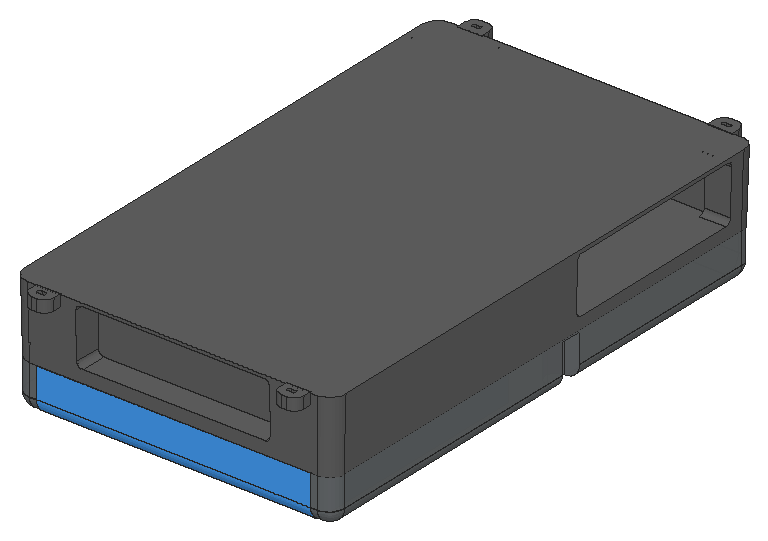
Revit family "Nuaire_IfcFanType_MevEco", category Mechanical Equipment, Revit 2018
Family settings
  Round Connector Dimension = Use Radius
  Part Type = Normal
  OmniClass Number = 23.75.00.00
  OmniClass Title = Climate Control (HVAC)
  Work Plane-Based = No
  Always vertical = Yes
  Cut with Voids When Loaded = No
  Shared = No
  Room Calculation Point = No
Parameters (values of type "MEV-ECO")
  Width = 340.00 mm  # constant formula
  Weight = 4.00 kg  # constant formula
  Weekly = "SFG20 20-03"  # constant formula
  Voltage = 230.00 V  # constant formula
  Type Comments = ""
  Type = ""
  Supply Phase = 1  # constant formula
  Starting Current = 0.45 A  # constant formula
  Specific Fan Power at Design Duty [instance] = "0.0"
  Shape = ""
  Set Point Concentration = "0"  # constant formula
  Revit Family Last Revised = "2024-05-01T16:30:00"  # constant formula
  Responsible Sourcing of Materials [instance] = "FSC"  # constant formula
  Responsible Extraction of Materials [instance] = "n/a"  # constant formula
  Reference Standard [instance] = "ISO 9001:2015"  # constant formula
  Quote Reference [instance] = ""
  Quarterly = "SFG20 20-03"  # constant formula
  Project Reference = ""
  Product Range = "MEV-ECO"  # constant formula
  Product Literature = "http://nuaire.info/catalogue/MEV-ECO%20Flyer.pdf"
  Power Source = "Mains"  # constant formula
  Order Reference [instance] = ""
  Operation and Maintenance Manual = "http://nuaire.info/IandM/671944.pdf"
  OmniClass Title = "Centrifugal fans"  # constant formula
  OmniClass Number = "23-33 31 19 13"  # constant formula
  Number of Connection Poles = 2  # constant formula
  Nominal Motor Speed (rpm) = 3300  # constant formula
  Nominal Motor Rating = 0.087 kW  # constant formula
  Monthly = "SFG20 20-03"  # constant formula
  Maximum Ambient Temperature = 50 °C  # constant formula
  Material Ingredient Reporting = "n/a"  # constant formula
  Material = "n/a"  # constant formula
  Manufacturer Website = "http://www.nuaire.co.uk/"
  Maintenance Required 8001 to 12000hrs = "http://nuaire.info/IandM/671944.pdf"
  Maintenance Required 601 to 1000hrs = "http://nuaire.info/IandM/671944.pdf"
  Maintenance Required 4001 to 8000hrs = "http://nuaire.info/IandM/671944.pdf"
  Maintenance Required 301 to 600hrs = "http://nuaire.info/IandM/671944.pdf"
  Maintenance Required 2001 to 4000hrs = "http://nuaire.info/IandM/671944.pdf"
  Maintenance Required 1001 to 2000hrs = "http://nuaire.info/IandM/671944.pdf"
  Maintenance Required 0 to 300hrs = "http://nuaire.info/IandM/671944.pdf"
  Location of Manufacturer = "51.571856, -3.232638"  # constant formula
  Location Reference [instance] = ""
  Life Cycle Analysis = 0  # constant formula
  Length = 596.00 mm  # constant formula
  IFCExportType = "CENTRIFUGALBACKWARDINCLINEDCURVED"  # constant formula
  IFCExportAs = "IfcFanType"  # constant formula
  I&M Manual = "http://nuaire.info/IandM/671944.pdf"
  Height = 125.00 mm  # constant formula
  Green Guide for Specification = "n/a"  # constant formula
  Full Load Current = 0.66 A  # constant formula
  Frequency = 50.00 Hz  # constant formula
  Fire Control Panel Links = no
  Finish = "n/a"  # constant formula
  Features = "n/a"  # constant formula
  External Static Pressure [instance] = 0 Pa
  Expected Life = "n/a"  # constant formula
  Environmental Product Declaration = "WEEE, RoHS"  # constant formula
  Energy Technology List = "n/a"  # constant formula
  Enclosure Rating = "Not rated"  # constant formula
  Embodied Carbon = "n/a"  # constant formula
  Duct Connection Width = 204.00 mm  # constant formula
  Duct Connection Height = 60.00 mm  # constant formula
  Discharge Flow [instance] = Connection 1 Extract Flow + Connection 2 Extract Flow + Connection 3 Extract Flow  # 0 L/s
  Daily = "SFG20 20-03"  # constant formula
  Coverage Area [instance] = 0.00 m²
  Cost = 0  # constant formula
  Connection 3 Extract Flow [instance] = 0 L/s
  Connection 2 Extract Flow [instance] = 0 L/s
  Connection 1 Extract Flow [instance] = 0 L/s
  Colour = "n/a"  # constant formula
  Classification.Uniclass.Pr.Number = "Pr_65_67_29_12"  # constant formula
  Classification.Uniclass.Pr.Description = "Centrifugal fans"  # constant formula
  Catalogue Pages = "http://nuaire.info/catalogue/MEV-ECO%20Flyer.pdf"
  COBie.Type.WarrantyGuarantorParts = Manufacturer  # "Nuaire"
  COBie.Type.WarrantyGuarantorLabor = Manufacturer  # "Nuaire"
  COBie.Type.WarrantyDurationUnit = "Year"  # constant formula
  COBie.Type.WarrantyDurationParts = "2"  # constant formula
  COBie.Type.WarrantyDurationLabor = "2"  # constant formula
  COBie.Type.WarrantyDescription = "2 years parts and labour."  # constant formula
  COBie.Type.SustainabilityPerformance = ""
  COBie.Type.Size = ""
  COBie.Type.Shape = ""
  COBie.Type.ReplacementCost = 0
  COBie.Type.NominalWidth = Width  # 340.00 mm
  COBie.Type.NominalLength = Length  # 596.00 mm
  COBie.Type.NominalHeight = Height  # 125.00 mm
  COBie.Type.Name = Model  # "MEV-ECO"
  COBie.Type.ModelReference = Model  # "MEV-ECO"
  COBie.Type.ModelNumber = Model  # "MEV-ECO"
  COBie.Type.Material = ""
  COBie.Type.Manufacturer = Manufacturer  # "Nuaire"
  COBie.Type.Length = Length  # 596.00 mm
  COBie.Type.Grade = ""
  COBie.Type.Finish = ""
  COBie.Type.Features = ""
  COBie.Type.ExternalIdentifier = ""
  COBie.Type.ExpectedLife = ""
  COBie.Type.DurationUnit = "Year"  # constant formula
  COBie.Type.Description = Description  # "Mechanical extract ventilation system with multi-spigot option"
  COBie.Type.CreatedOn = Revit Family Last Revised  # "2024-05-01T16:30:00"
  COBie.Type.CreatedBy = Model Drawn by  # "Michael Grote"
  COBie.Type.Constituents = ""
  COBie.Type.Color = ""
  COBie.Type.CodePerformance = ""
  COBie.Type.Category = "Pr_65_67_29_12 : Centrifugal fans"  # constant formula
  COBie.Type.AssetType = ""
  COBie.Type.Area = 0.00 m²
  COBie.Type.AccessibilityPerformance = ""
  COBie.Type = yes
  COBie.ExternalIdentifier [instance] = ""
  COBie.CreatedOn [instance] = Revit Family Last Revised  # "2024-05-01T16:30:00"
  COBie.CreatedBy [instance] = Model Drawn by  # "Michael Grote"
  COBie.Component.WarrantyStartDate [instance] = "Commences on date of delivery"  # constant formula
  COBie.Component.TagNumber [instance] = ""
  COBie.Component.Space [instance] = ""
  COBie.Component.SerialNumber [instance] = ""
  COBie.Component.Name [instance] = Model  # "MEV-ECO"
  COBie.Component.Length [instance] = Length  # 596.00 mm
  COBie.Component.InstallationDate [instance] = ""
  COBie.Component.Description [instance] = Description  # "Mechanical extract ventilation system with multi-spigot option"
  COBie.Component.BarCode [instance] = ""
  COBie.Component.AssetIdentifier [instance] = ""
  COBie.Component.Area [instance] = 0.00 m²
  COBie [instance] = yes
  CE Approval = "Yes"  # constant formula
  Bespoke Timeframe = "SFG20 20-03"  # constant formula
  Battery Type = "n/a"  # constant formula
  Battery Supply = no
  BMS Links = no
  Apparent Load = Full Load Current * Voltage  # 151.80 VA
  Model Drawn by = "Michael Grote"  # constant formula
  URL = "http://www.nuaire.co.uk/"
  Weatherproof or Internal Only = "Internal only"  # constant formula
  Manufacturer = "Nuaire"  # constant formula
  Description = "Mechanical extract ventilation system with multi-spigot option"
  Annually = "SFG20 20-03"  # constant formula
  Address = "Western Industrial Estate, Caerphilly, UK"  # constant formula
  Postcode = "CF83 1NA"  # constant formula
  Telephone Number = "+44(0)2920-858-200"  # constant formula
  Fax Number = "+44(0)2920-858-222"  # constant formula
  Email Address = "bim@nuaire.co.uk"  # constant formula
  Model = "MEV-ECO"
  6 Monthly = "SFG20 20-03"  # constant formula
  4button = no
  3button = not([4button])  # yes
Types (3, lengths in mm): name | Product Literature | Operation and Maintenance Manual | COBie.Type.Name | COBie.Type.ModelReference | COBie.Type.ModelNumber | COBie.Type.Description | COBie.Component.Name | COBie.Component.Description | Description | Model | 4button | 3button
  (no name) | "http://nuaire.info/catalogue/MEV-ECO%20Flyer.pdf" | "http://nuaire.info/IandM/671944.pdf" | "MEV-ECO" | "MEV-ECO" | "MEV-ECO" | "Mechanical extract ventilation system with multi-spigot option" | "MEV-ECO" | "Mechanical extract ventilation system with multi-spigot option" | "Mechanical extract ventilation system with multi-spigot option" | "MEV-ECO" | no | yes
  MEV-ECO | "http://nuaire.info/catalogue/MEV-ECO%20Flyer.pdf" | "http://nuaire.info/IandM/671944.pdf" | "MEV-ECO" | "MEV-ECO" | "MEV-ECO" | "Mechanical extract ventilation system with multi-spigot option" | "MEV-ECO" | "Mechanical extract ventilation system with multi-spigot option" | "Mechanical extract ventilation system with multi-spigot option" | "MEV-ECO" | no | yes
  MEV-ECO-H | "" | "" | "MEV-ECO-H" | "MEV-ECO-H" | "MEV-ECO-H" | "Mechanical extract ventilation system with multi-spigot option and humidistat" | "MEV-ECO-H" | "Mechanical extract ventilation system with multi-spigot option and humidistat" | "Mechanical extract ventilation system with multi-spigot option and humidistat" | "MEV-ECO-H" | yes | no
Reference planes
  plane 1 "Center (Front/Back)": y = 0
  plane 2: z = 0
  plane 3 "Center (Left/Right)": x = 0
  plane 4: z = -125.051
  plane 5: y = 145.356
  plane 6: z = -33.49
  plane 7: x = 145
  plane 8: z = -82.501
  plane 9: x = -145
  plane 10: y = -17.782
  plane 11: x = 71.85
  plane 12: x = 157.186
  plane 13: z = -82.501
  plane 14: x = -132.814
  plane 15: y = -17.782
Forms (mm)
  Blend 1, solid, material "Black Plastic"
    base sketch origin (0, 0, 0) x (1, 0, 0) y (0, 1, 0)
      loop
        arc (-152.656, 278.656) -> (-163.97, 273.97) -> (-168.656, 262.656) r 16
        line (-168.656, 262.656) -> (-168.656, -262.595)
        arc (-168.656, -262.595) -> (-163.97, -273.909) -> (-152.656, -278.595) r 16
        line (-152.656, -278.595) -> (152.656, -278.595)
        arc (152.656, -278.595) -> (163.97, -273.909) -> (168.656, -262.595) r 16
        line (168.656, -262.595) -> (168.656, 262.656)
        arc (168.656, 262.656) -> (163.97, 273.97) -> (152.656, 278.656) r 16
        line (152.656, 278.656) -> (-152.656, 278.656)
    top sketch origin (0, 0, 0) x (1, 0, 0) y (0, 1, 0)
      loop
        arc (154, -280) -> (165.314, -275.314) -> (170, -264) r 16
        line (170, -264) -> (170, 264)
        arc (170, 264) -> (165.314, 275.314) -> (154, 280) r 16
        line (154, 280) -> (-154, 280)
        arc (-154, 280) -> (-165.314, 275.314) -> (-170, 264) r 16
        line (-170, 264) -> (-170, -264)
        arc (-170, -264) -> (-165.314, -275.314) -> (-154, -280) r 16
        line (-154, -280) -> (154, -280)
    from -77.001 to 0
  Blend 2, solid, material "Foam"
    base sketch origin (0, 0, 0) x (1, 0, 0) y (0, 1, 0)
      loop
        arc (-152.656, 278.656) -> (-163.97, 273.97) -> (-168.656, 262.656) r 16
        line (-168.656, 262.656) -> (-168.656, -262.595)
        arc (-168.656, -262.595) -> (-163.97, -273.909) -> (-152.656, -278.595) r 16
        line (-152.656, -278.595) -> (-145, -278.595) -> (-145, -17.782) -> (145, -17.782) -> (145, -278.595) -> (152.656, -278.595)
        arc (152.656, -278.595) -> (163.97, -273.909) -> (168.656, -262.595) r 16
        line (168.656, -262.595) -> (168.656, 262.656)
        arc (168.656, 262.656) -> (163.97, 273.97) -> (152.656, 278.656) r 16
        line (152.656, 278.656) -> (-152.656, 278.656)
    top sketch origin (0, 0, 0) x (1, 0, 0) y (0, 1, 0)
      loop
        line (-145, -278.595) -> (-145, -17.782) -> (145, -17.782) -> (145, -278.595) -> (152.656, -278.595)
        arc (152.656, -278.595) -> (163.97, -273.909) -> (168.656, -262.595) r 16
        line (168.656, -262.595) -> (168.656, 262.656)
        arc (168.656, 262.656) -> (163.97, 273.97) -> (152.656, 278.656) r 16
        line (152.656, 278.656) -> (-152.656, 278.656)
        arc (-152.656, 278.656) -> (-163.97, 273.97) -> (-168.656, 262.656) r 16
        line (-168.656, 262.656) -> (-168.656, -262.595)
        arc (-168.656, -262.595) -> (-163.97, -273.909) -> (-152.656, -278.595) r 16
        line (-152.656, -278.595) -> (-145, -278.595)
    from -125.051 to -77.001
  Sweep 3, void
    path origin (0, 0, 0) x (1, 0, 0) y (0, 1, 0)
      loop
        line (-152.656, -278.595) -> (152.656, -278.595)
        arc (152.656, -278.595) -> (163.97, -273.909) -> (168.656, -262.595) r 16
        line (168.656, -262.595) -> (168.656, 262.656)
        arc (168.656, 262.656) -> (163.97, 273.97) -> (152.656, 278.656) r 16
        line (152.656, 278.656) -> (-152.656, 278.656)
        arc (-152.656, 278.656) -> (-163.97, 273.97) -> (-168.656, 262.656) r 16
        line (-168.656, 262.656) -> (-168.656, -262.595)
        arc (-168.656, -262.595) -> (-163.97, -273.909) -> (-152.656, -278.595) r 16
    profile origin (0, -278.595, 0) x (0, 1, 0) y (0, 0, 1)
      loop
        arc (15, -125.051) -> (4.393, -120.658) -> (0, -110.051) r 15
        line (0, -110.051) -> (-2.455, -110.051) -> (-2.455, -127.998) -> (15, -127.998) -> (15, -125.051)
  Extrusion 4, void
    sketch origin (0, 0, 0) x (1, 0, 0) y (0, 1, 0)
      loop
        line (-172.731, 25.987) -> (-152.731, 25.987)
        arc (-152.731, 25.987) -> (-141.731, 36.987) -> (-152.731, 47.987) r 11
        line (-152.731, 47.987) -> (-172.731, 47.987) -> (-172.731, 25.987)
      loop
        line (172.731, 25.987) -> (172.731, 47.987) -> (152.731, 47.987)
        arc (152.731, 47.987) -> (141.731, 36.987) -> (152.731, 25.987) r 11
        line (152.731, 25.987) -> (172.731, 25.987)
      loop
        arc (59, 266.121) -> (70, 255.121) -> (81, 266.121) r 11
        line (81, 266.121) -> (81, 283.45) -> (59, 283.45) -> (59, 266.121)
      loop
        line (-59, 266.121) -> (-59, 283.45) -> (-81, 283.45) -> (-81, 266.121)
        arc (-81, 266.121) -> (-70, 255.121) -> (-59, 266.121) r 11
    from -158.315 to -79.001
  Extrusion 5, solid, material "Black Plastic"
    sketch origin (0, 0, 0) x (1, 0, 0) y (0, 1, 0)
      loop
        arc (119.581, -288.001) -> (122.51, -295.071) -> (129.58, -298) r 9.998
        line (129.58, -298) -> (135.002, -298)
        arc (135.002, -298) -> (142.072, -295.071) -> (145, -288.001) r 9.998
        line (145, -288.001) -> (145, -279.01) -> (119.581, -279.01) -> (119.581, -288.001)
      loop
        arc (129.792, -285.539) -> (127.568, -287.763) -> (129.792, -289.987) r 2.224
        line (129.792, -289.987) -> (134.789, -289.987)
        arc (134.789, -289.987) -> (137.013, -287.763) -> (134.789, -285.539) r 2.224
        line (134.789, -285.539) -> (129.792, -285.539)
    from 0 to -12.001
  Extrusion 6, void
    sketch origin (0, 0, 0) x (1, 0, 0) y (0, 1, 0)
      loop
        line (129.792, -292.987) -> (134.789, -292.987)
        arc (134.789, -292.987) -> (140.013, -287.763) -> (134.789, -282.539) r 5.224
        line (134.789, -282.539) -> (129.792, -282.539)
        arc (129.792, -282.539) -> (124.568, -287.763) -> (129.792, -292.987) r 5.224
    from -13.478 to -3.001
  Extrusion 7, solid, material "Black Plastic"
    sketch origin (0, 0, 0) x (-1, 0, 0) y (0, -1, 0)
      loop
        line (119.581, 288.001) -> (119.581, 279.01) -> (145, 279.01) -> (145, 288.001)
        arc (145, 288.001) -> (142.072, 295.071) -> (135.002, 298) r 9.998
        line (135.002, 298) -> (129.58, 298)
        arc (129.58, 298) -> (122.51, 295.071) -> (119.581, 288.001) r 9.998
      loop
        line (129.792, 285.539) -> (134.789, 285.539)
        arc (134.789, 285.539) -> (137.013, 287.763) -> (134.789, 289.987) r 2.224
        line (134.789, 289.987) -> (129.792, 289.987)
        arc (129.792, 289.987) -> (127.568, 287.763) -> (129.792, 285.539) r 2.224
    from 0 to -12.001
  Extrusion 8, void
    sketch origin (0, 0, 0) x (-1, 0, 0) y (0, -1, 0)
      loop
        arc (129.792, 292.987) -> (124.568, 287.763) -> (129.792, 282.539) r 5.224
        line (129.792, 282.539) -> (134.789, 282.539)
        arc (134.789, 282.539) -> (140.013, 287.763) -> (134.789, 292.987) r 5.224
        line (134.789, 292.987) -> (129.792, 292.987)
    from -13.478 to -3.001
  Extrusion 9, solid, material "Black Plastic"
    sketch origin (0, 0, 0) x (1, 0, 0) y (0, 1, 0)
      loop
        line (119.581, 288.001) -> (119.581, 279.01) -> (145, 279.01) -> (145, 288.001)
        arc (145, 288.001) -> (142.072, 295.071) -> (135.002, 298) r 9.998
        line (135.002, 298) -> (129.58, 298)
        arc (129.58, 298) -> (122.51, 295.071) -> (119.581, 288.001) r 9.998
      loop
        line (129.792, 285.539) -> (134.789, 285.539)
        arc (134.789, 285.539) -> (137.013, 287.763) -> (134.789, 289.987) r 2.224
        line (134.789, 289.987) -> (129.792, 289.987)
        arc (129.792, 289.987) -> (127.568, 287.763) -> (129.792, 285.539) r 2.224
    from 0 to -12.001
  Extrusion 10, void
    sketch origin (0, 0, 0) x (1, 0, 0) y (0, 1, 0)
      loop
        arc (129.792, 292.987) -> (124.568, 287.763) -> (129.792, 282.539) r 5.224
        line (129.792, 282.539) -> (134.789, 282.539)
        arc (134.789, 282.539) -> (140.013, 287.763) -> (134.789, 292.987) r 5.224
        line (134.789, 292.987) -> (129.792, 292.987)
    from -13.478 to -3.001
  Extrusion 11, solid, material "Black Plastic"
    sketch origin (0, 0, 0) x (-1, 0, 0) y (0, -1, 0)
      loop
        arc (119.581, -288.001) -> (122.51, -295.071) -> (129.58, -298) r 9.998
        line (129.58, -298) -> (135.002, -298)
        arc (135.002, -298) -> (142.072, -295.071) -> (145, -288.001) r 9.998
        line (145, -288.001) -> (145, -279.01) -> (119.581, -279.01) -> (119.581, -288.001)
      loop
        arc (129.792, -285.539) -> (127.568, -287.763) -> (129.792, -289.987) r 2.224
        line (129.792, -289.987) -> (134.789, -289.987)
        arc (134.789, -289.987) -> (137.013, -287.763) -> (134.789, -285.539) r 2.224
        line (134.789, -285.539) -> (129.792, -285.539)
    from 0 to -12.001
  Extrusion 12, void
    sketch origin (0, 0, 0) x (-1, 0, 0) y (0, -1, 0)
      loop
        line (129.792, -292.987) -> (134.789, -292.987)
        arc (134.789, -292.987) -> (140.013, -287.763) -> (134.789, -282.539) r 5.224
        line (134.789, -282.539) -> (129.792, -282.539)
        arc (129.792, -282.539) -> (124.568, -287.763) -> (129.792, -292.987) r 5.224
    from -13.478 to -3.001
  Extrusion 13, void
    sketch origin (0, 0, 0) x (1, 0, 0) y (0, 0, 1)
      loop
        line (96.479, -3.001) -> (-96.498, -3.001)
        arc (-96.498, -3.001) -> (-100.74, -4.759) -> (-102.498, -9.001) r 6
        line (-102.498, -9.001) -> (-102.498, -57.978)
        arc (-102.498, -57.978) -> (-100.74, -62.221) -> (-96.498, -63.978) r 6
        line (-96.498, -63.978) -> (96.479, -63.978)
        arc (96.479, -63.978) -> (100.722, -62.221) -> (102.479, -57.978) r 6
        line (102.479, -57.978) -> (102.479, -9.001)
        arc (102.479, -9.001) -> (100.722, -4.759) -> (96.479, -3.001) r 6
    from 251 to 285.539
  Extrusion 14, void
    sketch origin (0, 630, 0) x (1, 0, 0) y (0, 0, 1)
      loop
        line (96.479, -3.001) -> (-96.498, -3.001)
        arc (-96.498, -3.001) -> (-100.74, -4.759) -> (-102.498, -9.001) r 6
        line (-102.498, -9.001) -> (-102.498, -57.978)
        arc (-102.498, -57.978) -> (-100.74, -62.221) -> (-96.498, -63.978) r 6
        line (-96.498, -63.978) -> (96.479, -63.978)
        arc (96.479, -63.978) -> (100.722, -62.221) -> (102.479, -57.978) r 6
        line (102.479, -57.978) -> (102.479, -9.001)
        arc (102.479, -9.001) -> (100.722, -4.759) -> (96.479, -3.001) r 6
    from 340.013 to 379
  Extrusion 15, void
    sketch origin (559, 145.347, 4.502) x (0, -1, 0) y (0, 0, 1)
      loop
        line (96.479, -7.504) -> (-96.498, -7.504)
        arc (-96.498, -7.504) -> (-100.74, -9.261) -> (-102.498, -13.504) r 6
        line (-102.498, -13.504) -> (-102.498, -62.48)
        arc (-102.498, -62.48) -> (-100.74, -66.723) -> (-96.498, -68.48) r 6
        line (-96.498, -68.48) -> (96.479, -68.48)
        arc (96.479, -68.48) -> (100.722, -66.723) -> (102.479, -62.48) r 6
        line (102.479, -62.48) -> (102.479, -13.504)
        arc (102.479, -13.504) -> (100.722, -9.261) -> (96.479, -7.504) r 6
    from 370.919 to 418
  Extrusion 16, void
    sketch origin (-559, 145.347, 4.502) x (0, -1, 0) y (0, 0, -1)
      loop
        arc (96.479, 7.504) -> (100.722, 9.261) -> (102.479, 13.504) r 6
        line (102.479, 13.504) -> (102.479, 62.48)
        arc (102.479, 62.48) -> (100.722, 66.723) -> (96.479, 68.48) r 6
        line (96.479, 68.48) -> (-96.498, 68.48)
        arc (-96.498, 68.48) -> (-100.74, 66.723) -> (-102.498, 62.48) r 6
        line (-102.498, 62.48) -> (-102.498, 13.504)
        arc (-102.498, 13.504) -> (-100.74, 9.261) -> (-96.498, 7.504) r 6
        line (-96.498, 7.504) -> (96.479, 7.504)
    from 370.919 to 418
  Extrusion 17, solid, material "Foam", visible <- "4button"
    sketch origin (0, 0, 0) x (1, 0, 0) y (0, 1, 0)
      loop
        circle (104.47, -223.869) r 5.08
      loop
        circle (79.664, -223.869) r 5.08
      loop
        circle (59.664, -223.869) r 5.08
      loop
        circle (39.652, -223.869) r 5.08
    from -127.541 to -125.051
  Blend 18, solid, material "Blue Plastic"
    base sketch origin (0, 0, 0) x (1, 0, 0) y (0, 1, 0)
      loop
        line (-145, -17.782) -> (-145, -278.595) -> (145, -278.595) -> (145, -17.782) -> (-145, -17.782)
    top sketch origin (0, 0, 0) x (1, 0, 0) y (0, 1, 0)
      loop
        line (-145, -17.782) -> (-145, -278.595) -> (145, -278.595) -> (145, -17.782) -> (-145, -17.782)
    from -125.051 to -77.001
  Extrusion 19, void
    sketch origin (0, 0, 0) x (1, 0, 0) y (0, 1, 0)
      loop
        line (-141, 251) -> (-141, 42.868) -> (141, 42.868) -> (141, 251) -> (-141, 251)
    from -63.978 to -3.001
  Extrusion 20, solid, not visible
    sketch origin (145.356, 145.356, 0) x (-1, 0, 0) y (0, 0, 1)
      loop
        circle (145.356, -33.49) r 15
    from 0 to 105.644
  Extrusion 21, solid, not visible
    sketch origin (0, 0, 0) x (0, 1, 0) y (0, 0, 1)
      loop
        circle (145.356, -33.49) r 15
    from -141 to 141
  Extrusion 22, solid, material "Foam", visible <- "3button"
    sketch origin (12.186, 0, 0) x (1, 0, 0) y (0, 1, 0)
      loop
        circle (79.664, -223.869) r 5.08
      loop
        circle (59.664, -223.869) r 5.08
      loop
        circle (39.652, -223.869) r 5.08
    from -127.541 to -125.051
Cuts and joins
  Sweep 3, Extrusion 4 cuts Blend 2
  Extrusion 4, Extrusion 13, Extrusion 14, Extrusion 15, Extrusion 16, Extrusion 19 cuts Blend 1
  Extrusion 6, Extrusion 8, Extrusion 10 cuts Extrusion 5
  Extrusion 8, Extrusion 12 cuts Extrusion 7
  Extrusion 10 cuts Extrusion 9
  Extrusion 12 cuts Extrusion 11
  Sweep 3 cuts Blend 18
  joined: Extrusion 20, Extrusion 21
Dimensions and locks
  aligned and locked: level to plane 2
Connectors
  hvac at (141, 145.356, -33.49), driven by "Duct Connection Height", driven by "Duct Connection Width", driven by "Connection 3 Extract Flow"
    settings: on cut or joined group of Extrusion 20, Extrusion 21, index 1, duct flow 0 L/s, flow factor 0, pres drop 0 Pa, loss coef 0, conn angle 0.00°, conn width 204.00 mm, conn height 60.00 mm, conn diameter 609.60 mm, duct sys type 3, conn prof type 1, flow config 0, flow direction 1, loss method 0, conn ref index -1, conn util no, is conn primary yes, conn desc "Extract Connection 3"
  hvac at (0, 251, -33.49), driven by "Duct Connection Height", driven by "Duct Connection Width", driven by "Connection 2 Extract Flow"
    settings: on cut or joined group of Extrusion 20, Extrusion 21, index 2, duct flow 0 L/s, flow factor 0, pres drop 0 Pa, loss coef 0, conn angle 0.00°, conn width 204.00 mm, conn height 60.00 mm, conn diameter 609.60 mm, duct sys type 3, conn prof type 1, flow config 0, flow direction 1, loss method 0, conn ref index -1, conn util no, is conn primary no, conn desc "Extract Connection 2"
  hvac at (-141, 145.356, -33.49), driven by "Duct Connection Height", driven by "Duct Connection Width", driven by "Connection 1 Extract Flow"
    settings: on cut or joined group of Extrusion 20, Extrusion 21, index 3, duct flow 0 L/s, flow factor 0, pres drop 0 Pa, loss coef 0, conn angle 0.00°, conn width 204.00 mm, conn height 60.00 mm, conn diameter 609.60 mm, duct sys type 3, conn prof type 1, flow config 0, flow direction 1, loss method 0, conn ref index -1, conn util no, is conn primary no, conn desc "Extract Connection 1"
  hvac at (-0.009, -251, -33.49), driven by "Duct Connection Height", driven by "Duct Connection Width", driven by "Discharge Flow"
    settings: on cut or joined group of Blend 1, Extrusion 4, Extrusion 13, Extrusion 14, Extrusion 15, Extrusion 16, Extrusion 19, index 4, duct flow 0 L/s, flow factor 0, pres drop 0 Pa, loss coef 0, conn angle 0.00°, conn width 204.00 mm, conn height 60.00 mm, conn diameter 609.60 mm, duct sys type 3, conn prof type 1, flow config 1, flow direction 2, loss method 0, conn ref index -1, conn util no, is conn primary no, conn desc "Discharge to Atmosphere"
  electrical at (0, 32.834, -125.051), driven by "Number of Connection Poles", driven by "Voltage", driven by "Apparent Load"
    settings: on cut or joined group of Blend 2, Sweep 3, Extrusion 4, index 5, voltage 230.00 V, apparent load 151.80 VA, apparent load phase1 0.00 VA, apparent load phase2 0.00 VA, apparent load phase3 0.00 VA, power factor 1, load classification "Other", number of poles 2, system type 30, power factor state 1, is connector primary yes, connector utility no, sub classification motor no, connector description "Power Supply"
